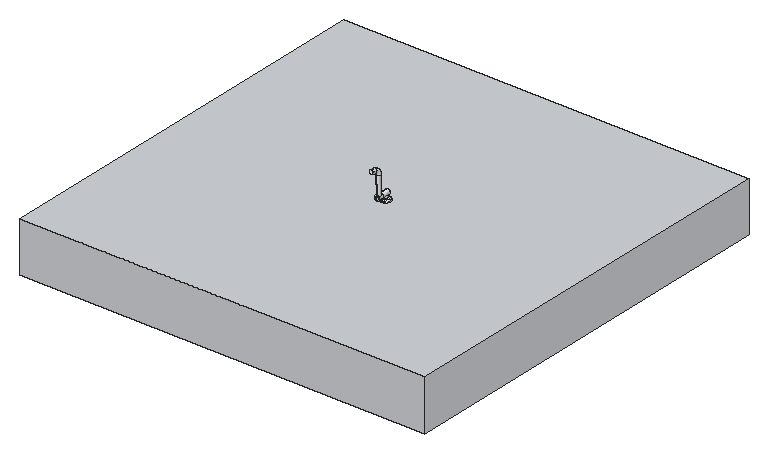
Revit family "Outlet-Sink-Caroma G Series Uslung 160-Wall_Temp_750e6c69-d62f-4bb4-9e80-a0b4decc3890", category Plumbing Fixtures, host Face, Revit 2015
Parameters (values of type "Chrome")
  Waste Connection = no
  Vent Connection = no
  URL = "http://specify.caroma.com.au/"
  Type Comments = "Caroma G Series Plus Wall Sink Outlet U/Slung 160mm"  # constant formula
  ModifiedIssue_ANZRS = 20170420.54  # constant formula
  Model = "G02850C4A"  # constant formula
  Material_ANZRS = Metal-Chrome-Caroma
  Manufacturer = "GWA Bathrooms&Kitchens"  # constant formula
  Keynote = ""
  HWFU = 0
  HW Connection = no
  Description = "WELS 4 star rated, 7.5L/min"  # constant formula
  Default Elevation = 1000 mm
  CreatedBy_ANZRS = "Design Content"  # constant formula
  CreatedByURL_ANZRS = "http://www.designcontent.com.au/"
  Cost = 0
  ConnectorDiameter = 20 mm
  CWFU = 0
  CW Connection = yes
  Assembly Code = "D2020"
Reference planes
  plane 1 "Center (Front/Back)": y = 0
  plane 2: z = 0
  plane 3 "Center (Left/Right)": x = 0
Forms (mm)
  Extrusion 1, solid
    sketch origin (-11.577, 4.584, 0) x (1, 0, 0) y (0, 1, 0)
      loop
        line (-1219.2, 1219.2) -> (-1219.2, -1219.2) -> (1219.2, -1219.2) -> (1219.2, 1219.2) -> (-1219.2, 1219.2)
    from 0 to -304.8
  Revolve 2, solid, material "Metal-Chrome-Caroma" <- "Material_ANZRS"
    sketch origin (0.225, 0, 0) x (0, 1, 0) y (0, 0, 1)
      loop
        line (-27.686, 0) -> (0, 0) -> (0, 30.405) -> (-7.998, 30.405) -> (-7.998, 15.365)
        arc (-7.998, 15.365) -> (-8.762, 13.365) -> (-10.667, 12.384) r 3
        arc (-10.667, 12.384) -> (-13.746, 11.956) -> (-16.821, 11.493) r 270.607
        arc (-16.821, 11.493) -> (-19.88, 10.931) -> (-22.905, 10.206) r 58.369
        arc (-22.905, 10.206) -> (-23.472, 9.91) -> (-23.862, 9.403) r 1.478
        line (-23.862, 9.403) -> (-28.061, 0.697)
        arc (-28.061, 0.697) -> (-28.016, 0.197) -> (-27.554, 0) r 0.489
      axis (0, 30.405) -> (0, 0)
    angle from 0 to 360
  Sweep 3, solid, material "Metal-Chrome-Caroma" <- "Material_ANZRS"
    path origin (0, 0, 0) x (0, 1, 0) y (0, 0, 1)
      loop
        line (-50.745, 43.046) -> (-54.875, 162.801)
        arc (-54.875, 162.801) -> (-63.542, 184.271) -> (-83.984, 195.143) r 33.838
        line (-83.984, 195.143) -> (-106.141, 198.257)
    profile origin (0, -52.81, 102.923) x (0, -0.999406, -0.034469) y (1, 0, 0)
      loop
        circle (-0.035, 0.283) r 10.9
  Revolve 4, solid, material "Metal-Chrome-Caroma" <- "Material_ANZRS"
    sketch origin (0, 0, 0) x (0, 1, 0) y (0, 0, 1)
      loop
        arc (13.542, 24.6) -> (13.914, 24.903) -> (14.072, 25.356) r 0.882
        arc (14.072, 25.356) -> (14.741, 31.711) -> (14.975, 38.097) r 93.382
        line (14.975, 38.097) -> (-65.025, 38.097) -> (-65.025, 25.169)
        arc (-65.025, 25.169) -> (-64.837, 24.745) -> (-64.397, 24.6) r 0.572
        line (-64.397, 24.6) -> (-37.546, 24.6)
        arc (-37.546, 24.6) -> (-37.192, 24.761) -> (-37.025, 25.111) r 0.567
        arc (-37.025, 25.111) -> (-36.858, 24.761) -> (-36.505, 24.6) r 0.567
        line (-36.505, 24.6) -> (13.542, 24.6)
      axis (14.975, 38.097) -> (-65.025, 38.097)
    angle from 0 to 360
Cuts and joins
  joined: Revolve 2, Sweep 3, Revolve 4
Lines and regions (mm)
  Masking region 1
    outline origin (0, -0.549, 0) x (0, 1, 0) y (0, 0, 1)
      loop
        line (-23.312, 9.872) -> (-27.581, 0.717)
        arc (-27.581, 0.717) -> (-27.577, 0.275) -> (-27.231, 0) r 0.513
        line (-27.231, 0) -> (0.549, 0) -> (28.33, 0)
        arc (28.33, 0) -> (28.676, 0.275) -> (28.68, 0.717) r 0.513
        line (28.68, 0.717) -> (24.411, 9.872)
        arc (24.411, 9.872) -> (24.021, 10.379) -> (23.454, 10.675) r 1.478
        arc (23.454, 10.675) -> (20.429, 11.399) -> (17.37, 11.962) r 58.369
        arc (17.37, 11.962) -> (14.295, 12.425) -> (11.216, 12.853) r 270.607
        arc (11.216, 12.853) -> (10.198, 13.216) -> (9.312, 13.834) r 4.08
        arc (9.312, 13.834) -> (8.795, 14.777) -> (8.548, 15.824) r 3.998
        line (8.548, 15.824) -> (8.548, 24.6) -> (14.092, 24.6)
        spline (14.092, 24.6) -> (14.806, 26.872) -> (15.019, 28.764) -> (15.278, 31.408) -> (15.418, 33.566) -> (15.48, 35.401) -> (15.534, 38.097) -> (15.545, 40.881) -> (15.533, 42.736) -> (15.411, 44.412) -> (15.021, 47.743) -> (14.707, 50.365) -> (13.879, 51.6)
        line (13.879, 51.6) -> (-37.329, 51.597) -> (-39.432, 51.597) -> (-43.295, 162.23)
        arc (-43.295, 162.23) -> (-55.083, 191.405) -> (-82.865, 206.177) r 46
        line (-82.865, 206.177) -> (-104.07, 209.085) -> (-107.104, 187.497) -> (-85.927, 184.391)
        arc (-85.927, 184.391) -> (-71.431, 176.68) -> (-65.282, 161.456) r 24.007
        line (-65.282, 161.456) -> (-61.447, 51.591) -> (-63.848, 51.591)
        arc (-63.848, 51.591) -> (-64.292, 51.407) -> (-64.476, 50.962) r 0.628
        line (-64.476, 50.962) -> (-64.476, 25.253)
        arc (-64.476, 25.253) -> (-64.344, 24.751) -> (-63.848, 24.6) r 0.532
        line (-63.848, 24.6) -> (-36.947, 24.6) -> (-7.449, 24.6) -> (-7.449, 15.824)
        arc (-7.449, 15.824) -> (-7.696, 14.777) -> (-8.213, 13.834) r 3.998
        arc (-8.213, 13.834) -> (-9.1, 13.216) -> (-10.117, 12.853) r 4.08
        arc (-10.117, 12.853) -> (-13.197, 12.425) -> (-16.271, 11.962) r 270.607
        arc (-16.271, 11.962) -> (-19.331, 11.399) -> (-22.355, 10.675) r 58.369
        arc (-22.355, 10.675) -> (-22.923, 10.379) -> (-23.312, 9.872) r 1.478
  Masking region 2
    outline origin (0, 0, 0) x (1, 0, 0) y (0, 0, 1)
      loop
        arc (-10.905, 46.128) -> (-13.332, 35.962) -> (-7.81, 27.089) r 13.563
        line (-7.81, 27.089) -> (-7.81, 14.881)
        arc (-7.81, 14.881) -> (-8.834, 13.179) -> (-10.642, 12.359) r 3.34
        arc (-10.642, 12.359) -> (-13.099, 12.033) -> (-15.55, 11.666) r 148.371
        arc (-15.55, 11.666) -> (-18.516, 11.183) -> (-21.447, 10.52) r 49.043
        arc (-21.447, 10.52) -> (-22.34, 10.301) -> (-23.221, 10.036) r 17.544
        arc (-23.221, 10.036) -> (-23.569, 9.785) -> (-23.823, 9.44) r 1.391
        line (-23.823, 9.44) -> (-27.893, 0.728)
        arc (-27.893, 0.728) -> (-27.912, 0.277) -> (-27.556, 0) r 0.493
        line (-27.556, 0) -> (28.005, 0)
        arc (28.005, 0) -> (28.361, 0.277) -> (28.343, 0.728) r 0.493
        line (28.343, 0.728) -> (24.176, 9.353)
        arc (24.176, 9.353) -> (23.789, 9.859) -> (23.235, 10.173) r 1.588
        arc (23.235, 10.173) -> (22.569, 10.36) -> (21.896, 10.52) r 17.544
        arc (21.896, 10.52) -> (18.965, 11.183) -> (15.999, 11.666) r 49.043
        arc (15.999, 11.666) -> (13.448, 12.047) -> (10.891, 12.384) r 148.371
        arc (10.891, 12.384) -> (9.051, 13.311) -> (8.22, 15.197) r 3.051
        line (8.22, 15.197) -> (8.22, 27.392)
        arc (8.22, 27.392) -> (13.563, 36.004) -> (11.194, 45.858) r 13.148
        line (11.194, 45.858) -> (11.185, 199.398)
        arc (11.185, 199.398) -> (-0.43, 209.182) -> (-10.861, 198.144) r 11.059
        line (-10.861, 198.144) -> (-10.905, 46.128)
  Masking region 3
    outline origin (0, 0, 0) x (1, 0, 0) y (0, 1, 0)
      loop
        arc (13.594, -64.555) -> (13.365, -64.907) -> (12.967, -65.043) r 0.646
        line (12.967, -65.043) -> (11.182, -65.042) -> (11.182, -106.129)
        spline (11.182, -106.129) -> (9.713, -106.888) -> (8.207, -107.179) -> (6.554, -107.38) -> (4.985, -107.512) -> (3.601, -107.596) -> (2.276, -107.649) -> (0.421, -107.683) -> (-1.633, -107.644) -> (-3.164, -107.587) -> (-4.475, -107.522) -> (-6.487, -107.342) -> (-9.418, -106.823)
        line (-9.418, -106.823) -> (-10.848, -106.035) -> (-10.848, -65.022) -> (-12.686, -65.02)
        arc (-12.686, -65.02) -> (-13.249, -64.911) -> (-13.504, -64.397) r 0.646
        line (-13.504, -64.397) -> (-13.504, -37.239) -> (-13.504, 13.525)
        arc (-13.504, 13.525) -> (-13.207, 13.906) -> (-12.754, 14.071) r 0.875
        arc (-12.754, 14.071) -> (-8.463, 14.589) -> (-4.154, 14.913) r 96.301
        arc (-4.154, 14.913) -> (-2.938, 14.96) -> (-1.722, 14.99) r 86.767
        arc (-1.722, 14.99) -> (-0.565, 15.005) -> (0.592, 15.006) r 107
        arc (0.592, 15.006) -> (2.092, 14.983) -> (3.608, 14.94) r 107
        arc (3.608, 14.94) -> (8.212, 14.612) -> (12.795, 14.064) r 96.301
        line (12.795, 14.064) -> (13.614, 13.088) -> (13.614, -64.397)
  Masking region 4
    outline origin (0, 0, 0) x (1, 0, 0) y (0, 1, 0)
      loop
        arc (2.495, 28.499) -> (-27.088, 8.271) -> (-13.504, -24.891) r 28.5
        line (-13.504, -24.891) -> (-13.504, -35.365) -> (-13.504, -64.397)
        arc (-13.504, -64.397) -> (-13.249, -64.911) -> (-12.686, -65.02) r 0.646
        line (-12.686, -65.02) -> (-10.848, -65.022) -> (-10.848, -106.035) -> (-9.418, -106.823)
        spline (-9.418, -106.823) -> (-6.487, -107.342) -> (-4.475, -107.522) -> (-3.164, -107.587) -> (-1.633, -107.644) -> (0.421, -107.683) -> (2.276, -107.649) -> (3.601, -107.596) -> (4.985, -107.512) -> (6.554, -107.38) -> (8.207, -107.179) -> (9.713, -106.888) -> (11.182, -106.129)
        line (11.182, -106.129) -> (11.182, -65.042) -> (12.967, -65.043)
        arc (12.967, -65.043) -> (13.365, -64.907) -> (13.594, -64.555) r 0.646
        line (13.594, -64.555) -> (13.594, -24.718)
        arc (13.594, -24.718) -> (27.96, 6.045) -> (2.495, 28.499) r 28.33
  symbolic lines
    curve 1: line (-13.504, -37.56, 0) -> (13.623, -37.56, 0)
    curve 2: line (-13.504, -24.697, 0) -> (-13.504, 13.525, 0)
    curve 3: arc (-12.754, 14.071, 0) -> (-13.207, 13.906, 0) -> (-13.504, 13.525, 0) r 0.875
    curve 4: arc (-4.154, 14.913, 0) -> (-8.463, 14.589, 0) -> (-12.754, 14.071, 0) r 96.301
    curve 5: arc (-1.722, 14.99, 0) -> (-2.938, 14.96, 0) -> (-4.154, 14.913, 0) r 86.767
    curve 6: arc (0.592, 15.006, 0) -> (-0.565, 15.005, 0) -> (-1.722, 14.99, 0) r 107
    curve 7: arc (3.608, 14.94, 0) -> (2.092, 14.983, 0) -> (0.576, 15.004, 0) r 107
    curve 8: arc (12.741, 14.072, 0) -> (8.185, 14.615, 0) -> (3.608, 14.94, 0) r 96.301
    curve 9: arc (12.741, 14.072, 0) -> (8.185, 14.615, 0) -> (3.608, 14.94, 0) r 96.301
    curve 10: arc (13.13, 14.015, 0) -> (8.38, 14.596, 0) -> (3.608, 14.94, 0) r 96.301
    curve 11: arc (-7.81, 0, 27.089) -> (0.255, 0, 24.602) -> (8.22, 0, 27.392) r 13.497
    curve 12: arc (-10.905, 0, 46.128) -> (0.213, 0, 51.593) -> (11.194, 0, 45.858) r 13.702
    curve 13: line (0, -37.008, 24.6) -> (0, -37.008, 51.597)
    curve 14: line (0, 7.995, 24.6) -> (0, -7.995, 24.6)
    curve 15: arc (0, -62.001, 51.735) -> (0, -50.985, 45.583) -> (0, -39.987, 51.769) r 12.904
    curve 16: line (13.594, 13.477, 0) -> (13.594, -35.611, 0)
    curve 17: arc (13.594, 13.477, 0) -> (13.462, 13.832, 0) -> (13.13, 14.015, 0) r 0.544
    curve 18: line (11.183, -65.042, 0) -> (11.183, -49.478, 0)
    curve 19: line (-10.848, -65.022, 0) -> (-10.848, -49.478, 0)
    curve 20: arc (-10.848, -49.478, 0) -> (0.168, -38.463, 0) -> (11.183, -49.478, 0) r 11.015
Dimensions and locks
  aligned and locked: plane 2 to Extrusion 1
  aligned and locked: level to Extrusion 1
Connectors
  piping at (0.225, 0, 0), diameter 20, driven by "ConnectorDiameter"
    settings: on Revolve 2, index 1, connector inside diameter 24", connector length 0 mm, flow factor 0, pipe flow 0 GPM, pressure drop 0.00 psi, fitting loss kfactor 0, connector angle 0.00°, fixture units 0, engagement length 0 mm, angle of deflection 0.00°, flow configuration 3, flow direction 1, fitting loss method 0, system type 20, joint type 0, gender type 0, connector reference index -1, connector utility 0, adjustable connector no, is connector primary yes, connector description "Connector"
